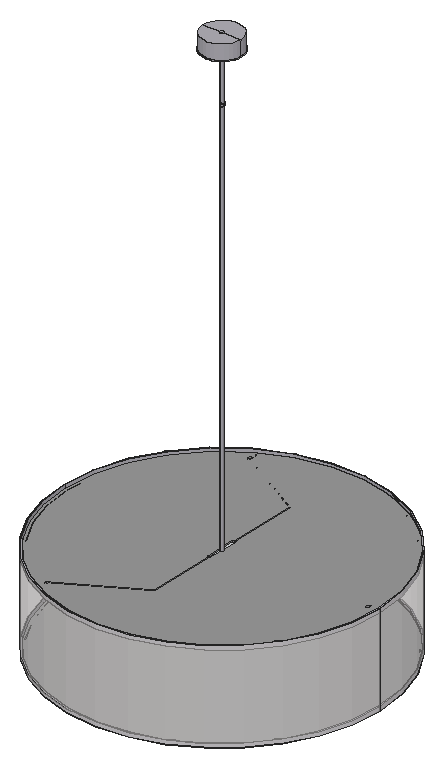
Revit family "Lighting - Lumetta - Pendant - P54814", category Lighting Fixtures, host Ceiling, Revit 2015
Parameters
  Wattage = 11.7117 W
  built-in parameter 1150110 = 1 (stored number, unit not read)
  URL = "https://lumetta.com/luminaires/drum-48-pendant/"
  Type Comments = "Drum 48'' Pendant"  # constant formula
  built-in parameter 1114217 = 1 (stored number, unit not read)
  Top Lens-Material [instance] = Acrylic - 2447 - White
  Top Lens [instance] = yes
  built-in parameter 1150109 = 1 (stored number, unit not read)
  built-in parameter 1150134 = (empty or 0)
  Suspension [instance] = 2
  built-in parameter 1150113 = 1 (stored number, unit not read)
  Stem Hung-ALL Lamping [instance] = Suspension = 2  # yes
  STD-NON_DIM [instance] = not([3-4-LED])  # yes
  Light Source Symbol Size = 0' - 1"
  Coupling-Stems Over 60 inches [instance] = and([Stem Hung-ALL Lamping], Fixture Drop > 5' 0")  # yes
  Model = "P54814"  # constant formula
  Manufacturer = "Lumetta, Inc."  # constant formula
  Lumens = 1300 lm
  built-in parameter 1150115 = 1 (stored number, unit not read)
  built-in parameter 1150105 = 103.45 (stored number, unit not read)
  built-in parameter 1150137 = (empty or 0)
  built-in parameter 1150139 = (empty or 0)
  built-in parameter 1150112 = 1 (stored number, unit not read)
  built-in parameter 1150114 = 1 (stored number, unit not read)
  built-in parameter 1150132 = 1
  built-in parameter 1150102 = (empty or 0)
  built-in parameter 1150138 = (empty or 0)
  built-in parameter 1150107 = 3000 (stored number, unit not read)
  built-in parameter 1150106 = 1.0345 (stored number, unit not read)
  Frame Finish [instance] = Paint - Lumetta - F02 - PC_Chrome
  Fixture Height [instance] = 1' - 2"
  Fixture Drop [instance] = 5' - 10"
  built-in parameter 1150104 = 10.312 (stored number, unit not read)
  Dimming Lamp Color Temperature Shift = (empty or 0)
  Diffuser Material [instance] = Shade - Lumetta - D61 - MT_White
  Description = ""
  Cord [instance] = Suspension = 1  # no
  Bottom Lens-Material [instance] = Acrylic - P95 - Etched White
  Bottom Lens [instance] = yes
  3-4-LED [instance] = and([3 or 4 Wire Dimming OR LED], Suspension = 1)  # no
  3 or 4 Wire Dimming OR LED [instance] = yes
  3 Cables [instance] = Suspension = 1  # no
  1CRD-3CBL-ALL Lamping [instance] = Suspension = 1  # no
  Cord Color [instance] = Cord, Black
  Color Filter = 16777215
  built-in parameter 1114218 = 1 (stored number, unit not read)
  built-in parameter 1150133 = 10 (stored number, unit not read)
Reference planes (in)
  plane 1 "Light Source Axis (F/B)": y = 0
  plane 2 "Ceiling": z = 96
  plane 3 "Light Source Axis (L/R)": x = 0
  plane 4 "Light Source Elevation": z = 23.5
  plane 5 "Fixture-Top": z = 26
  plane 6 "Fixture-OD": x = 24
  plane 7 "Fixture-Height": z = 12
  plane 8: through (0, 0, 0) normal (-0.5, -0.866, 0)
  plane 9: y = 0
  plane 10: through (0, 0, 0) normal (0.5, -0.866, 0)
  plane 11 "Plane-120": through (-12, 20.78461, 0) normal (0.5, -0.866, 0)
  plane 12 "Plane-240": through (-74.35383, 15.21539, 0) normal (0.5, 0.866, 0)
  plane 13: through (0, 0, 0) normal (-0.866, -0.5, 0)
  plane 14: through (0, 0, 0) normal (0.866, -0.5, 0)
Forms (in)
  Revolve 1, solid, material "Paint - Lumetta - F02 - PC_Chrome" <- "Frame Finish", visible <- "1CRD-3CBL-ALL Lamping"
    sketch origin (0, 0, 0) x (1, 0, 0) y (0, 0, 1)
      loop
        line (0, 96) -> (0, 95.4375) -> (3, 95.4375) -> (3, 95.5) -> (2.87509, 95.5) -> (2.87509, 96) -> (0, 96)
      axis (0, 96) -> (0, 95.4375)
    angle from 0 to 360
  Extrusion 2, void
    sketch origin (0, 0, 95.4375) x (0, -1, 0) y (1, 0, 0)
      loop
        circle (0, 0) r 0.25
      loop
        circle (0, 2.5) r 0.06274
      loop
        circle (-2.16506, -1.25) r 0.06274
      loop
        circle (2.16506, -1.25) r 0.06274
    from 0 to 0.06358
  Revolve 3, solid, material "Paint - Lumetta - F02 - PC_Chrome" <- "Frame Finish"
    sketch origin (0, 0, 0) x (1, 0, 0) y (0, 0, 1)
      loop
        line (24, 26) -> (23.875, 26) -> (23.875, 25.5) -> (23.375, 25.5) -> (23.375, 25.375) -> (24, 25.375) -> (24, 26)
      loop
        line (24, 12.625) -> (23.875, 12.625) -> (23.875, 12.125) -> (23.43781, 12.125) -> (23.43781, 12) -> (24, 12) -> (24, 12.625)
      axis (0, 26) -> (0, 12)
    angle from 0 to 360
  Revolve 4, solid, material "Shade - Lumetta - D61 - MT_White" <- "Diffuser Material"
    sketch origin (0, 0, 0) x (1, 0, 0) y (0, 0, 1)
      loop
        line (24, 26) -> (24, 12.00069) -> (24.06242, 12.00069) -> (24.06242, 26) -> (24, 26)
      axis (0, 26) -> (0, 12.00069)
    angle from 0 to 360
  Extrusion 5, solid, material "Paint - Lumetta - F02 - PC_Chrome" <- "Frame Finish", visible <- "Stem Hung-ALL Lamping"
    sketch origin (0, 0, 26) x (0, -1, 0) y (-1, 0, 0)
      loop
        circle (0, 0) r 0.25
    from 0.56254 to -70
  Revolve 6, solid, material "Paint - Lumetta - F02 - PC_Chrome" <- "Frame Finish", visible <- "Coupling-Stems Over 60 inches"
    sketch origin (0, 0, 0) x (1, 0, 0) y (0, 0, 1)
      loop
        line (0, 86.53023) -> (0, 86) -> (0.26233, 86)
        arc (0.26233, 86) -> (0.31307, 86.05074) -> (0.26233, 86.10149) r 0.05074
        arc (0.26233, 86.10149) -> (0.29304, 86.26499) -> (0.26243, 86.42851) r 0.45126
        arc (0.26243, 86.42851) -> (0.31329, 86.47937) -> (0.26243, 86.53023) r 0.05086
        line (0.26243, 86.53023) -> (0, 86.53023)
      axis (0, 86.53023) -> (0, 86)
    angle from 0 to 360
  Revolve 7, solid, material "Paint - Lumetta - F02 - PC_Chrome" <- "Frame Finish", visible <- "Stem Hung-ALL Lamping"
    sketch origin (0, 0, 0) x (1, 0, 0) y (0, 0, 1)
      loop
        line (0, 96) -> (0, 93.40625) -> (0.34988, 93.40625)
        arc (0.34988, 93.40625) -> (0.49124, 93.54417) -> (0.58115, 93.72) r 0.61026
        line (0.58115, 93.72) -> (3, 93.72) -> (3, 93.78) -> (2.875, 93.78) -> (2.875, 96) -> (0, 96)
      axis (0, 96) -> (0, 93.40625)
    angle from 0 to 360
  Extrusion 8, solid, material "Cord, Black" <- "Cord Color", visible <- "1CRD-3CBL-ALL Lamping"
    sketch origin (0, 0, 26) x (0, -1, 0) y (1, 0, 0)
      loop
        circle (0, 0) r 0.15674
    from -0.56254 to 70
  Extrusion 9, solid
    sketch origin (0, 0, 26) x (0, -1, 0) y (1, 0, 0)
      loop
        line (-0.5, 23.48559) -> (-0.5, 22.75) -> (0.5, 22.75) -> (0.5, 23.48559)
        arc (0.5, 23.48559) -> (0, 23.49091) -> (-0.5, 23.48559) r 23.49091
      loop
        circle (0, 23) r 0.11051
      loop
        arc (-20.54312, -11.28322) -> (-20.29774, -11.7189) -> (-20.04312, -12.14925) r 23.43781
        line (-20.04312, -12.14925) -> (-19.45208, -11.80801) -> (-19.95208, -10.94199) -> (-20.54312, -11.28322)
      loop
        circle (-19.91858, -11.5) r 0.10826
      loop
        arc (20.08912, -12.17581) -> (20.34372, -11.74545) -> (20.58912, -11.30978) r 23.49091
        line (20.58912, -11.30978) -> (19.95208, -10.94199) -> (19.45208, -11.80801) -> (20.08912, -12.17581)
      loop
        circle (19.91858, -11.5) r 0.10826
    from -0.5625 to -0.67116
  Extrusion 10, solid
    sketch origin (0, 0, 26) x (0, -1, 0) y (1, 0, 0)
      loop
        circle (0, 23) r 0.11051
      loop
        line (-0.76833, 23.23292) -> (-0.76833, 22.46921) -> (-19.87974, -10.63271) -> (-20.48613, -10.98282) -> (-19.73613, -12.28185) -> (-19.07474, -11.9) -> (19.14807, -11.9) -> (19.75447, -12.2501) -> (20.50447, -10.95107) -> (19.84307, -10.56921) -> (0.73167, 22.53271) -> (0.73167, 23.23292) -> (-0.76833, 23.23292)
      loop
        circle (0, 22.25) r 0.15796
      loop
        circle (-19.91858, -11.5) r 0.11051
      loop
        circle (-19.26907, -11.125) r 0.15796
      loop
        circle (19.91858, -11.5) r 0.11051
      loop
        circle (19.26907, -11.125) r 0.15796
      loop
        arc (17.30968, -10.2125) -> (17.49913, -10.10313) -> (17.49913, -9.88438) r 0.21875
        line (17.49913, -9.88438) -> (0.18944, 20.09688)
        arc (0.18944, 20.09688) -> (0, 20.20625) -> (-0.18944, 20.09688) r 0.21875
        line (-0.18944, 20.09688) -> (-17.49913, -9.88437)
        arc (-17.49913, -9.88437) -> (-17.49913, -10.10312) -> (-17.30968, -10.2125) r 0.21875
        line (-17.30968, -10.2125) -> (17.30968, -10.2125)
    from -0.625 to -0.67116
  Sweep 11, solid, visible <- "1CRD-3CBL-ALL Lamping"
    path origin (0, 0, 0) x (1, 0, 0) y (0, 0, 1)
      loop
        line (2.5, 95.50108) -> (22.26798, 25.4375)
    profile origin (12.38399, 0, 60.46929) x (0.962426, 0, 0.271542) y (0, -1, 0)
      loop
        circle (0, 0) r 0.03083
  Sweep 12, solid, visible <- "1CRD-3CBL-ALL Lamping"
    path origin (0, 0, 0) x (-0.5, 0.866025, 0) y (0, 0, 1)
      loop
        line (2.5, 95.50108) -> (22.26798, 25.4375)
    profile origin (-6.192, 10.72485, 60.46929) x (-0.481213, 0.833486, 0.271542) y (0.866025, 0.5, 0)
      loop
        circle (0, 0) r 0.03083
  Sweep 13, solid, visible <- "1CRD-3CBL-ALL Lamping"
    path origin (0, 0, 0) x (-0.5, -0.866025, 0) y (0, 0, 1)
      loop
        line (2.5, 95.50108) -> (22.26798, 25.4375)
    profile origin (-6.192, -10.72485, 60.46929) x (-0.481213, -0.833486, 0.271542) y (-0.866025, 0.5, 0)
      loop
        circle (0, 0) r 0.03083
  Extrusion 14, solid, material "Acrylic - P95 - Etched White" <- "Bottom Lens-Material", visible <- "Bottom Lens"
    sketch origin (0, 0, 12) x (0, -1, 0) y (1, 0, 0)
      loop
        circle (0, 0) r 23.84375
    from 0.125 to 0.24997
  Extrusion 15, solid
    sketch origin (0, 0, 26) x (0, -1, 0) y (1, 0, 0)
      loop
        line (-12.51407, -1.25) -> (12.51407, -1.25) -> (11.07069, 1.25) -> (-11.07069, 1.25) -> (-12.51407, -1.25)
      loop
        circle (0, 0) r 0.28281
    from -0.56254 to -0.625
  Extrusion 16, solid, material "Acrylic - 2447 - White" <- "Top Lens-Material", visible <- "Top Lens"
    sketch origin (0, 0, 26) x (0, -1, 0) y (1, 0, 0)
      loop
        line (-2.50665, 0.05287) -> (-12.8083, 0.05287) -> (-19.13088, -10.89816)
        arc (-19.13088, -10.89816) -> (-19.45845, -11.31123) -> (-19.03994, -10.99064) r 0.26561
        line (-19.03994, -10.99064) -> (-12.73613, -0.07213) -> (-2.50665, -0.07213)
        arc (-2.50665, -0.07213) -> (-2.4132, -0.21734) -> (-2.25, -0.27378) r 0.26415
        line (-2.25, -0.27378) -> (2.25, -0.27378)
        arc (2.25, -0.27378) -> (2.41692, -0.21436) -> (2.50874, -0.06284) r 0.26415
        line (2.50874, -0.06284) -> (12.73077, -0.06284) -> (19.04082, -10.99217)
        arc (19.04082, -10.99217) -> (19.45768, -11.30984) -> (19.13165, -10.89949) r 0.26408
        line (19.13165, -10.89949) -> (12.80255, 0.06284) -> (2.50402, 0.06284)
        arc (2.50402, 0.06284) -> (2.40911, 0.20123) -> (2.25, 0.25453) r 0.26415
        line (2.25, 0.25453) -> (-2.25, 0.25453)
        arc (-2.25, 0.25453) -> (-2.4132, 0.19808) -> (-2.50665, 0.05287) r 0.26415
      loop
        circle (0, 22.25) r 0.26626
      loop
        circle (0, 0) r 23.84375
    from -0.5 to -0.375
  Revolve 17, solid, material "Paint - Lumetta - F02 - PC_Chrome" <- "Frame Finish", visible <- "STD-NON_DIM"
    sketch origin (0, 0, 0) x (1, 0, 0) y (0, 0, 1)
      loop
        line (0, 95.4375) -> (0, 94.87435) -> (0.28215, 94.87435) -> (0.37481, 95.4375) -> (0, 95.4375)
      axis (0, 95.4375) -> (0, 94.87435)
    angle from 0 to 360
  Revolve 18, solid, material "Paint - Lumetta - F02 - PC_Chrome" <- "Frame Finish", visible <- "3-4-LED"
    sketch origin (0, 0, 0) x (1, 0, 0) y (0, 0, 1)
      loop
        line (0, 95.4375) -> (0, 95.3765) -> (0.37481, 95.3765) -> (0.37481, 95.4375) -> (0, 95.4375)
      axis (0, 95.4375) -> (0, 95.3765)
    angle from 0 to 360
Dimensions and locks (in)
  equal spacing: host sketch curve, plane 3 "Light Source Axis (L/R)", host sketch curve
  equal spacing: host sketch curve, plane 1 "Light Source Axis (F/B)", host sketch curve
  host sketch curve to host sketch curve = 10' - 0"  (x2)
  "Fixture Drop": plane 2 "Ceiling" to plane 5 "Fixture-Top"
  locked: plane 5 "Fixture-Top" to plane 4 "Light Source Elevation" at 2.5
  locked: plane 6 "Fixture-OD" to plane 3 "Light Source Axis (L/R)" at 24
  "Fixture Height": plane 5 "Fixture-Top" to plane 7 "Fixture-Height"
  locked: Extrusion 2 sketch curve to Extrusion 2 sketch curve at 2.5
  locked: plane 6 "Fixture-OD" to Revolve 3 sketch curve at 0.125
  locked: Revolve 4 sketch curve to plane 6 "Fixture-OD" at 0.06242
  locked: Revolve 3 to Revolve 4 at 0.12431
  locked: Extrusion 5 sketch curve to imposter light
  locked: Extrusion 5 sketch curve to imposter light at 0
  Revolve 6 sketch curve to Revolve 6 sketch curve = 0' - 0.15822"
  locked: Revolve 6 sketch curve to Revolve 4 at 60
  locked: Revolve 6 sketch curve to Revolve 6 sketch curve at 0.53023
  locked: Revolve 6 sketch curve to Revolve 6 sketch curve at 0.26243
  locked: Revolve 6 sketch curve to Revolve 6 sketch curve at 0.26233
  locked: Revolve 6 sketch curve to Revolve 6 sketch curve at 0.05074
  locked: Revolve 6 sketch curve to Revolve 6 sketch curve at 0.47937
  locked: Revolve 6 sketch curve to Revolve 6 sketch curve at 0.26512
  locked: Revolve 7 sketch curve to Revolve 7 sketch curve at 2.875
  locked: Revolve 7 sketch curve to Revolve 7 sketch curve at 0.31375
  locked: plane 5 "Fixture-Top" to Revolve 3 sketch curve at 0.625
  locked: Revolve 3 sketch curve to Revolve 3 sketch curve at 0.125
  Revolve 3 sketch curve to plane 7 "Fixture-Height" = 0' - 0 5/8"
  plane 6 "Fixture-OD" to Revolve 3 sketch curve = 0' - 0 1/8"
  plane 6 "Fixture-OD" to Revolve 3 sketch curve = 0' - 0 5/8"
  locked: Revolve 1 sketch curve to Revolve 1 sketch curve at 0.0625
  locked: host ceiling to Revolve 1 sketch curve at 0.5625
  locked: Revolve 1 sketch curve to Revolve 1 sketch curve at 0.5625
  Revolve 1 sketch curve to Revolve 1 sketch curve = 0' - 2.87509"
  equal spacing: Extrusion 9 sketch curve, plane 1 "Light Source Axis (F/B)", Extrusion 9 sketch curve
  locked: Extrusion 9 sketch curve to plane 1 "Light Source Axis (F/B)" at 0.5
  locked: Extrusion 9 sketch curve to plane 6 "Fixture-OD" at 1
  locked: Extrusion 9 sketch curve to plane 6 "Fixture-OD" at 1.25
  locked: Extrusion 10 sketch curve to plane 6 "Fixture-OD" at 1
  locked: Extrusion 10 sketch curve to plane 6 "Fixture-OD" at 1.75
  locked: plane 10 to plane 11 "Plane-120" at 24
  locked: plane 12 "Plane-240" to plane 8 at 24
  locked: plane 11 "Plane-120" to Extrusion 9 sketch curve at 1.25
  locked: Extrusion 9 sketch curve to plane 11 "Plane-120" at 1
  locked: plane 12 "Plane-240" to Extrusion 9 sketch curve at 1.25
  locked: Extrusion 9 sketch curve to plane 12 "Plane-240" at 1
  locked: Extrusion 10 sketch curve to plane 11 "Plane-120" at 0.76708
  locked: Extrusion 10 sketch curve to plane 12 "Plane-240" at 0.76708
  locked: Extrusion 10 sketch curve to plane 6 "Fixture-OD" at 0.76708
  locked: Extrusion 10 sketch curve to plane 12 "Plane-240" at 1
  locked: Extrusion 10 sketch curve to plane 12 "Plane-240" at 1.75
  locked: Extrusion 10 sketch curve to plane 11 "Plane-120" at 1
  locked: Extrusion 10 sketch curve to plane 11 "Plane-120" at 1.75
  equal spacing: Extrusion 9 sketch curve, plane 13, Extrusion 9 sketch curve, locked at 0.5 each
  equal spacing: Extrusion 9 sketch curve, plane 14, Extrusion 9 sketch curve
  locked: plane 10 to Extrusion 2 sketch curve at 2.5
  locked: Extrusion 2 sketch curve to plane 8 at 2.5
  locked: Extrusion 10 sketch curve to Extrusion 10 sketch curve at 1.6875  (x3)
  locked: Extrusion 10 sketch curve to Extrusion 10 sketch curve at 1.5  (x3)
  locked: Extrusion 14 to plane 7 "Fixture-Height" at 0.24997
  plane 3 "Light Source Axis (L/R)" to Extrusion 15 sketch curve = 0' - 1 1/4"
  Extrusion 15 sketch curve to plane 3 "Light Source Axis (L/R)" = 0' - 1 1/4"
  locked: Extrusion 15 sketch curve to Extrusion 10 at 1.6875  (x2)
  locked: Extrusion 16 sketch curve to plane 9 at 2.25
  locked: Extrusion 16 sketch curve to plane 3 "Light Source Axis (L/R)" at 0.07213
  locked: plane 3 "Light Source Axis (L/R)" to Extrusion 16 sketch curve at 0.05287
  locked: plane 3 "Light Source Axis (L/R)" to Extrusion 16 sketch curve at 0.06284
  locked: Extrusion 16 sketch curve to plane 3 "Light Source Axis (L/R)" at 0.06284
  locked: Extrusion 16 sketch curve to plane 3 "Light Source Axis (L/R)" at 0.00963  (x2)
  locked: Extrusion 16 sketch curve to plane 11 "Plane-120" at 1.75
  locked: Extrusion 16 sketch curve to plane 12 "Plane-240" at 1.75
  locked: Extrusion 16 sketch curve to plane 6 "Fixture-OD" at 1.75
  locked: Extrusion 16 sketch curve to Extrusion 10 at 0.78125  (x2)
  locked: Extrusion 16 sketch curve to Extrusion 16 sketch curve at 0.125  (x2)
  Extrusion 16 to plane 3 "Light Source Axis (L/R)" = 0' - 0.07213"
  locked: plane 5 "Fixture-Top" to Extrusion 16 at 0.375
  locked: Revolve 1 sketch curve to Revolve 1 sketch curve at 3
  locked: Revolve 1 sketch curve to Revolve 1 sketch curve at 2.87509
  locked: Revolve 17 sketch curve to Revolve 17 sketch curve at 0.37481
  locked: Revolve 17 sketch curve to Revolve 17 sketch curve at 0.28215
  locked: Revolve 1 to Revolve 17 sketch curve at 0.56315
  locked: Revolve 1 to Revolve 18 sketch curve at 0.061
  locked: plane 3 "Light Source Axis (L/R)" to Revolve 18 sketch curve at 0.37481
  locked: Extrusion 14 sketch curve to Extrusion 14 sketch curve (radius 1' - 11 27/32")
  locked: Extrusion 16 sketch curve to Extrusion 16 sketch curve (radius 1' - 11 27/32")
  aligned and locked: plane 3 "Light Source Axis (L/R)" to imposter light
  aligned and locked: plane 1 "Light Source Axis (F/B)" to imposter light
  aligned and locked: plane 4 "Light Source Elevation" to imposter light
  aligned and locked: Revolve 4 sketch curve to plane 3 "Light Source Axis (L/R)"
  aligned and locked: Revolve 6 sketch curve to Revolve 6 sketch curve  (x2)
  aligned and locked: host ceiling to Extrusion 5
  aligned and locked: Extrusion 9 to Extrusion 10
  aligned and locked: Extrusion 9 sketch curve to Revolve 3
  aligned and locked: host ceiling to Extrusion 8
  aligned and locked: Extrusion 5 to Extrusion 15
  aligned and locked: Extrusion 16 sketch curve to Extrusion 16 sketch curve  (x2)
  aligned and locked: Extrusion 14 to Revolve 3
  aligned and locked: Extrusion 16 to Revolve 3
Automatic sketch dimensions
  Revolve 4 sketch curve to plane 6 "Fixture-OD" = 0' - 0"
  Revolve 4 sketch curve to plane 7 "Fixture-Height" = 0' - 0.00069"
  Revolve 4 sketch curve to plane 5 "Fixture-Top" = 0' - 0"
  plane 7 "Fixture-Height" to Revolve 4 sketch curve = 0' - 1 1/4"
  Revolve 4 sketch curve to plane 5 "Fixture-Top" = 0' - 2 1/4"
  Revolve 6 sketch curve to plane 3 "Light Source Axis (L/R)" = 0' - 0"
  Revolve 6 sketch curve to Revolve 6 sketch curve = 0' - 11.34317"
  Revolve 7 sketch curve to plane 3 "Light Source Axis (L/R)" = 0' - 0"  (x3)
  Revolve 7 sketch curve to plane 2 "Ceiling" = 0' - 0"
  plane 3 "Light Source Axis (L/R)" to Revolve 7 sketch curve = 0' - 0.34988"
  Revolve 7 sketch curve to Revolve 7 sketch curve = 0' - 0.23126"
  Revolve 7 sketch curve to Revolve 7 sketch curve = 0' - 0 1/8"
  Revolve 7 sketch curve to plane 2 "Ceiling" = 0' - 2 3/32"
  Revolve 7 sketch curve to Revolve 7 sketch curve = 0' - 0.06"
  plane 2 "Ceiling" to Revolve 7 sketch curve = 0' - 1 3/4"
  Revolve 7 sketch curve to Revolve 7 sketch curve = 0' - 2 1/2"
  plane 1 "Light Source Axis (F/B)" to Extrusion 8 sketch curve = 0' - 0"
  Extrusion 8 sketch curve to plane 3 "Light Source Axis (L/R)" = 0' - 0"
  Revolve 3 sketch curve to plane 3 "Light Source Axis (L/R)" = 0' - 0"
  Revolve 3 sketch curve to plane 7 "Fixture-Height" = 0' - 0"
  Revolve 3 sketch curve to plane 5 "Fixture-Top" = 0' - 0"
  Revolve 3 sketch curve to plane 6 "Fixture-OD" = 0' - 0"  (x2)
  Revolve 3 sketch curve to level = 0' - 10"
  Revolve 3 sketch curve to plane 2 "Ceiling" = 0' - 1"
  Revolve 3 sketch curve to Revolve 3 sketch curve = 0' - 0.43719"
  Revolve 3 sketch curve to Revolve 3 sketch curve = 0' - 0 1/8"
  Extrusion 9 sketch curve to Extrusion 9 sketch curve = 0' - 0"  (x2)
  plane 1 "Light Source Axis (F/B)" to Extrusion 9 sketch curve = 0' - 0"  (x2)
  Extrusion 9 sketch curve to Extrusion 9 sketch curve = 0' - 0.03349"  (x2)
  Extrusion 9 sketch curve to Extrusion 9 sketch curve = 0' - 0.17053"
  Extrusion 9 sketch curve to plane 6 "Fixture-OD" = 0' - 0.51441"
  Extrusion 9 sketch curve to plane 3 "Light Source Axis (L/R)" = 0' - 0"
  plane 14 to Extrusion 9 sketch curve = 0' - 0"
  plane 13 to Extrusion 9 sketch curve = 0' - 0"
  Extrusion 2 sketch curve to Revolve 1 = 0' - 0"
  Extrusion 2 sketch curve to Extrusion 2 sketch curve = 0' - 1 1/4"  (x2)
  Sweep 11 sketch curve to plane 1 "Light Source Axis (F/B)" = 0' - 0"
  Sweep 11 sketch curve to profile plane = 0' - 0"
  Sweep 12 sketch curve to profile plane = 0' - 0"
  profile plane to Sweep 12 sketch curve = 0' - 0"
  profile plane to Sweep 13 sketch curve = 0' - 0"  (x2)
  plane 13 to Extrusion 10 sketch curve = 0' - 0"  (x3)
  plane 1 "Light Source Axis (F/B)" to Extrusion 10 sketch curve = 0' - 0"  (x3)
  plane 14 to Extrusion 10 sketch curve = 0' - 0"  (x2)
  Extrusion 10 sketch curve to plane 14 = 0' - 0"
  Extrusion 10 sketch curve to Extrusion 10 sketch curve = 0' - 0.18245"
  Extrusion 10 sketch curve to plane 1 "Light Source Axis (F/B)" = 0' - 0.18944"
  plane 1 "Light Source Axis (F/B)" to Extrusion 10 sketch curve = 0' - 0.18944"
  plane 1 "Light Source Axis (F/B)" to Extrusion 10 sketch curve = 0' - 0.73167"
  Extrusion 10 sketch curve to Extrusion 10 sketch curve = 0' - 0.121"
  Extrusion 10 sketch curve to Extrusion 10 sketch curve = 0' - 0 7/64"
  Extrusion 10 sketch curve to Extrusion 10 sketch curve = 0' - 1.95938"
  Extrusion 10 sketch curve to Extrusion 10 sketch curve = 0' - 0 7/32"
  Extrusion 10 sketch curve to Extrusion 10 sketch curve = 0' - 0.18944"  (x2)
  Extrusion 10 sketch curve to Extrusion 10 sketch curve = 0' - 0.6064"
  Extrusion 10 sketch curve to Extrusion 10 sketch curve = 0' - 0.66139"
  plane 1 "Light Source Axis (F/B)" to Extrusion 15 sketch curve = 0' - 0"
  Extrusion 15 sketch curve to plane 3 "Light Source Axis (L/R)" = 0' - 0"
  plane 1 "Light Source Axis (F/B)" to Extrusion 14 sketch curve = 0' - 0"
  Extrusion 14 sketch curve to plane 3 "Light Source Axis (L/R)" = 0' - 0"
  plane 13 to Extrusion 16 sketch curve = 0' - 0"
  plane 1 "Light Source Axis (F/B)" to Extrusion 16 sketch curve = 0' - 0"  (x2)
  plane 14 to Extrusion 16 sketch curve = 0' - 0"
  Extrusion 16 sketch curve to plane 3 "Light Source Axis (L/R)" = 0' - 0"
  plane 1 "Light Source Axis (F/B)" to Extrusion 16 sketch curve = 0' - 2 1/4"
  Extrusion 16 sketch curve to Extrusion 16 sketch curve = 0' - 0.25665"
  Extrusion 16 sketch curve to Extrusion 16 sketch curve = 0' - 0.13436"
  Extrusion 16 sketch curve to Extrusion 16 sketch curve = 0' - 0.09083"
  Revolve 1 sketch curve to plane 3 "Light Source Axis (L/R)" = 0' - 0"  (x2)
  Revolve 1 sketch curve to plane 5 "Fixture-Top" = 0' - 1 1/4"
  Revolve 1 sketch curve to Revolve 1 sketch curve = 0' - 9 3/4"
  Revolve 17 sketch curve to plane 3 "Light Source Axis (L/R)" = 0' - 0"  (x2)
  Revolve 17 sketch curve to plane 2 "Ceiling" = 0' - 0 9/16"
  Revolve 17 sketch curve to Revolve 17 sketch curve = 0' - 1.18685"
  plane 2 "Ceiling" to Revolve 17 sketch curve = 0' - 6 11/16"
  Revolve 18 sketch curve to plane 3 "Light Source Axis (L/R)" = 0' - 0"  (x2)
  Revolve 18 sketch curve to Revolve 18 sketch curve = 0' - 0.061"
  Revolve 18 sketch curve to Revolve 18 sketch curve = 0' - 0.82606"
  Revolve 18 sketch curve to plane 2 "Ceiling" = 0' - 0 1/4"
  Sweep 13 sketch curve to plane 2 "Ceiling" = 0' - 0.49892"
  plane 8 to Sweep 13 sketch curve = 0' - 2 1/2"
  plane 12 "Plane-240" to Sweep 13 sketch curve = 0' - 1.73202"
  Sweep 12 sketch curve to plane 2 "Ceiling" = 0' - 0.49892"
  Sweep 12 sketch curve to plane 10 = 0' - 2 1/2"
  plane 11 "Plane-120" to Sweep 12 sketch curve = 0' - 1.73202"
  Sweep 11 sketch curve to plane 2 "Ceiling" = 0' - 0.49892"
  plane 3 "Light Source Axis (L/R)" to Sweep 11 sketch curve = 0' - 2 1/2"
  plane 5 "Fixture-Top" to Sweep 11 sketch curve = 0' - 0 9/16"
  Sweep 11 sketch curve to plane 6 "Fixture-OD" = 0' - 1.73202"
  plane 5 "Fixture-Top" to Sweep 13 sketch curve = 0' - 0 9/16"
  plane 5 "Fixture-Top" to Sweep 12 sketch curve = 0' - 0 9/16"
  radius of Extrusion 5 sketch curve = 0' - 0 1/4"
  radius of Extrusion 8 sketch curve = 0' - 0.15674"
  radius of Extrusion 9 sketch curve = 0' - 0.11051"
  radius of Extrusion 9 sketch curve = 0' - 0.10826"  (x2)
  radius of Extrusion 2 sketch curve = 0' - 0.06274"  (x3)
  radius of Sweep 11 sketch curve = 0' - 0.03083"
  radius of Sweep 12 sketch curve = 0' - 0.03083"
  radius of Sweep 13 sketch curve = 0' - 0.03083"
  radius of Extrusion 10 sketch curve = 0' - 0.11051"  (x3)
  radius of Extrusion 10 sketch curve = 0' - 0.15796"  (x3)
  radius of Extrusion 15 sketch curve = 0' - 0.28281"
  radius of Extrusion 16 sketch curve = 0' - 0.26626"
  radius of Extrusion 2 sketch curve to Revolve 1 = 0' - 2 3/4"
